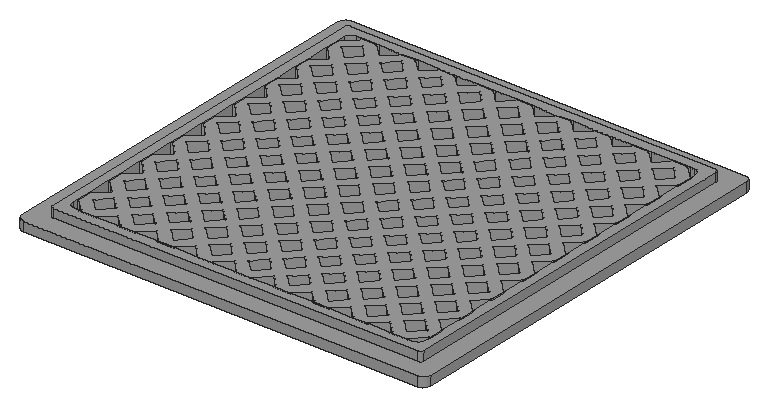
Revit family
Parameters (values of type "580 x 580 mm")
  Manufacturer = "Revit"
  Height = 0 mm
Reference planes
  plane 1 "Center (Front/Back)": y = 0
  plane 2: z = 0
  plane 3 "Center (Left/Right)": x = 0
  plane 4: x = -289.99
  plane 5: x = 289.99
  plane 6: y = -289.99
  plane 7: y = 289.99
Forms (mm)
  Extrusion 1, solid, material "Default"
    sketch origin (0, 0, -24.5) x (1, 0, 0) y (0, 1, 0)
      loop
        line (-263.49, 258.51) -> (-263.49, -258.49)
        arc (-263.49, -258.49) -> (-262.026, -262.026) -> (-258.49, -263.49) r 5
        line (-258.49, -263.49) -> (258.49, -263.49)
        arc (258.49, -263.49) -> (262.026, -262.026) -> (263.49, -258.49) r 5
        line (263.49, -258.49) -> (263.49, 258.51)
        arc (263.49, 258.51) -> (262.026, 262.046) -> (258.49, 263.51) r 5
        line (258.49, 263.51) -> (-258.49, 263.51)
        arc (-258.49, 263.51) -> (-262.026, 262.046) -> (-263.49, 258.51) r 5
      loop
        line (240, 250.01) -> (-240, 250.01)
        arc (-240, 250.01) -> (-247.071, 247.081) -> (-250, 240.01) r 10
        line (-250, 240.01) -> (-250, -239.99)
        arc (-250, -239.99) -> (-247.071, -247.061) -> (-240, -249.99) r 10
        line (-240, -249.99) -> (240, -249.99)
        arc (240, -249.99) -> (247.071, -247.061) -> (250, -239.99) r 10
        line (250, -239.99) -> (250, 240.01)
        arc (250, 240.01) -> (247.071, 247.081) -> (240, 250.01) r 10
    from 24.5 to 50
  Extrusion 2, solid, material "Default", detail levels medium+fine
    sketch origin (0, 0, 5.5) x (1, 0, 0) y (0, 1, 0)
      loop
        arc (-240, 250.01) -> (-247.071, 247.081) -> (-250, 240.01) r 10
        line (-250, 240.01) -> (-250, -239.99)
        arc (-250, -239.99) -> (-247.071, -247.061) -> (-240, -249.99) r 10
        line (-240, -249.99) -> (240, -249.99)
        arc (240, -249.99) -> (247.071, -247.061) -> (250, -239.99) r 10
        line (250, -239.99) -> (250, 240.01)
        arc (250, 240.01) -> (247.071, 247.081) -> (240, 250.01) r 10
        line (240, 250.01) -> (-240, 250.01)
    from 0 to 20
  Extrusion 3, void
    sketch origin (0, 0, 25.5) x (1, 0, 0) y (0, 1, 0)
      loop
        line (-237.588, 220.627) -> (-220.617, 203.657) -> (-203.647, 220.627) -> (-220.617, 237.598) -> (-237.588, 220.627)
      loop
        line (-182.434, 220.627) -> (-165.463, 203.657) -> (-148.492, 220.627) -> (-165.463, 237.598) -> (-182.434, 220.627)
      loop
        line (-127.279, 220.627) -> (-110.309, 203.657) -> (-93.338, 220.627) -> (-110.309, 237.598) -> (-127.279, 220.627)
      loop
        line (-55.154, 237.598) -> (-72.125, 220.627) -> (-55.154, 203.657) -> (-38.184, 220.627) -> (-55.154, 237.598)
      loop
        line (-16.971, 220.627) -> (0, 203.657) -> (16.971, 220.627) -> (0, 237.598) -> (-16.971, 220.627)
      loop
        line (38.184, 220.627) -> (55.154, 203.657) -> (72.125, 220.627) -> (55.154, 237.598) -> (38.184, 220.627)
      loop
        line (93.338, 220.627) -> (110.309, 203.657) -> (127.279, 220.627) -> (110.309, 237.598) -> (93.338, 220.627)
      loop
        line (148.492, 220.627) -> (165.463, 203.657) -> (182.434, 220.627) -> (165.463, 237.598) -> (148.492, 220.627)
      loop
        line (220.617, 237.598) -> (203.647, 220.627) -> (220.617, 203.657) -> (237.588, 220.627) -> (220.617, 237.598)
      loop
        line (-231.224, 193.05) -> (-248.194, 210.021) -> (-250, 208.215) -> (-250, 177.885) -> (-248.194, 176.08) -> (-231.224, 193.05)
      loop
        line (-193.04, 210.021) -> (-210.011, 193.05) -> (-193.04, 176.08) -> (-176.07, 193.05) -> (-193.04, 210.021)
      loop
        line (-137.886, 210.021) -> (-154.856, 193.05) -> (-137.886, 176.08) -> (-120.915, 193.05) -> (-137.886, 210.021)
      loop
        line (-82.731, 210.021) -> (-99.702, 193.05) -> (-82.731, 176.08) -> (-65.761, 193.05) -> (-82.731, 210.021)
      loop
        line (-27.577, 210.021) -> (-44.548, 193.05) -> (-27.577, 176.08) -> (-10.607, 193.05) -> (-27.577, 210.021)
      loop
        line (27.577, 210.021) -> (10.607, 193.05) -> (27.577, 176.08) -> (44.548, 193.05) -> (27.577, 210.021)
      loop
        line (82.731, 210.021) -> (65.761, 193.05) -> (82.731, 176.08) -> (99.702, 193.05) -> (82.731, 210.021)
      loop
        line (137.886, 210.021) -> (120.915, 193.05) -> (137.886, 176.08) -> (154.856, 193.05) -> (137.886, 210.021)
      loop
        line (193.04, 210.021) -> (176.07, 193.05) -> (193.04, 176.08) -> (210.011, 193.05) -> (193.04, 210.021)
      loop
        line (248.194, 210.021) -> (231.224, 193.05) -> (248.194, 176.08) -> (250, 177.885) -> (250, 208.215) -> (248.194, 210.021)
    from -25 to 4
  Extrusion 4, void
    sketch origin (0, -55.154, 25.5) x (1, 0, 0) y (0, 1, 0)
      loop
        line (-237.588, 220.627) -> (-220.617, 203.657) -> (-203.647, 220.627) -> (-220.617, 237.598) -> (-237.588, 220.627)
      loop
        line (-182.434, 220.627) -> (-165.463, 203.657) -> (-148.492, 220.627) -> (-165.463, 237.598) -> (-182.434, 220.627)
      loop
        line (-127.279, 220.627) -> (-110.309, 203.657) -> (-93.338, 220.627) -> (-110.309, 237.598) -> (-127.279, 220.627)
      loop
        line (-55.154, 237.598) -> (-72.125, 220.627) -> (-55.154, 203.657) -> (-38.184, 220.627) -> (-55.154, 237.598)
      loop
        line (-16.971, 220.627) -> (0, 203.657) -> (16.971, 220.627) -> (0, 237.598) -> (-16.971, 220.627)
      loop
        line (38.184, 220.627) -> (55.154, 203.657) -> (72.125, 220.627) -> (55.154, 237.598) -> (38.184, 220.627)
      loop
        line (93.338, 220.627) -> (110.309, 203.657) -> (127.279, 220.627) -> (110.309, 237.598) -> (93.338, 220.627)
      loop
        line (148.492, 220.627) -> (165.463, 203.657) -> (182.434, 220.627) -> (165.463, 237.598) -> (148.492, 220.627)
      loop
        line (220.617, 237.598) -> (203.647, 220.627) -> (220.617, 203.657) -> (237.588, 220.627) -> (220.617, 237.598)
      loop
        line (-231.224, 193.05) -> (-248.194, 210.021) -> (-250, 208.215) -> (-250, 177.885) -> (-248.194, 176.08) -> (-231.224, 193.05)
      loop
        line (-193.04, 210.021) -> (-210.011, 193.05) -> (-193.04, 176.08) -> (-176.07, 193.05) -> (-193.04, 210.021)
      loop
        line (-137.886, 210.021) -> (-154.856, 193.05) -> (-137.886, 176.08) -> (-120.915, 193.05) -> (-137.886, 210.021)
      loop
        line (-82.731, 210.021) -> (-99.702, 193.05) -> (-82.731, 176.08) -> (-65.761, 193.05) -> (-82.731, 210.021)
      loop
        line (-27.577, 210.021) -> (-44.548, 193.05) -> (-27.577, 176.08) -> (-10.607, 193.05) -> (-27.577, 210.021)
      loop
        line (27.577, 210.021) -> (10.607, 193.05) -> (27.577, 176.08) -> (44.548, 193.05) -> (27.577, 210.021)
      loop
        line (82.731, 210.021) -> (65.761, 193.05) -> (82.731, 176.08) -> (99.702, 193.05) -> (82.731, 210.021)
      loop
        line (137.886, 210.021) -> (120.915, 193.05) -> (137.886, 176.08) -> (154.856, 193.05) -> (137.886, 210.021)
      loop
        line (193.04, 210.021) -> (176.07, 193.05) -> (193.04, 176.08) -> (210.011, 193.05) -> (193.04, 210.021)
      loop
        line (248.194, 210.021) -> (231.224, 193.05) -> (248.194, 176.08) -> (250, 177.885) -> (250, 208.215) -> (248.194, 210.021)
    from -25 to 4
  Extrusion 5, void
    sketch origin (0, -110.309, 25.5) x (1, 0, 0) y (0, 1, 0)
      loop
        line (-237.588, 220.627) -> (-220.617, 203.657) -> (-203.647, 220.627) -> (-220.617, 237.598) -> (-237.588, 220.627)
      loop
        line (-182.434, 220.627) -> (-165.463, 203.657) -> (-148.492, 220.627) -> (-165.463, 237.598) -> (-182.434, 220.627)
      loop
        line (-127.279, 220.627) -> (-110.309, 203.657) -> (-93.338, 220.627) -> (-110.309, 237.598) -> (-127.279, 220.627)
      loop
        line (-55.154, 237.598) -> (-72.125, 220.627) -> (-55.154, 203.657) -> (-38.184, 220.627) -> (-55.154, 237.598)
      loop
        line (-16.971, 220.627) -> (0, 203.657) -> (16.971, 220.627) -> (0, 237.598) -> (-16.971, 220.627)
      loop
        line (38.184, 220.627) -> (55.154, 203.657) -> (72.125, 220.627) -> (55.154, 237.598) -> (38.184, 220.627)
      loop
        line (93.338, 220.627) -> (110.309, 203.657) -> (127.279, 220.627) -> (110.309, 237.598) -> (93.338, 220.627)
      loop
        line (148.492, 220.627) -> (165.463, 203.657) -> (182.434, 220.627) -> (165.463, 237.598) -> (148.492, 220.627)
      loop
        line (220.617, 237.598) -> (203.647, 220.627) -> (220.617, 203.657) -> (237.588, 220.627) -> (220.617, 237.598)
      loop
        line (-231.224, 193.05) -> (-248.194, 210.021) -> (-250, 208.215) -> (-250, 177.885) -> (-248.194, 176.08) -> (-231.224, 193.05)
      loop
        line (-193.04, 210.021) -> (-210.011, 193.05) -> (-193.04, 176.08) -> (-176.07, 193.05) -> (-193.04, 210.021)
      loop
        line (-137.886, 210.021) -> (-154.856, 193.05) -> (-137.886, 176.08) -> (-120.915, 193.05) -> (-137.886, 210.021)
      loop
        line (-82.731, 210.021) -> (-99.702, 193.05) -> (-82.731, 176.08) -> (-65.761, 193.05) -> (-82.731, 210.021)
      loop
        line (-27.577, 210.021) -> (-44.548, 193.05) -> (-27.577, 176.08) -> (-10.607, 193.05) -> (-27.577, 210.021)
      loop
        line (27.577, 210.021) -> (10.607, 193.05) -> (27.577, 176.08) -> (44.548, 193.05) -> (27.577, 210.021)
      loop
        line (82.731, 210.021) -> (65.761, 193.05) -> (82.731, 176.08) -> (99.702, 193.05) -> (82.731, 210.021)
      loop
        line (137.886, 210.021) -> (120.915, 193.05) -> (137.886, 176.08) -> (154.856, 193.05) -> (137.886, 210.021)
      loop
        line (193.04, 210.021) -> (176.07, 193.05) -> (193.04, 176.08) -> (210.011, 193.05) -> (193.04, 210.021)
      loop
        line (248.194, 210.021) -> (231.224, 193.05) -> (248.194, 176.08) -> (250, 177.885) -> (250, 208.215) -> (248.194, 210.021)
    from -25 to 4
  Extrusion 6, void
    sketch origin (0, -165.463, 25.5) x (1, 0, 0) y (0, 1, 0)
      loop
        line (-237.588, 220.627) -> (-220.617, 203.657) -> (-203.647, 220.627) -> (-220.617, 237.598) -> (-237.588, 220.627)
      loop
        line (-182.434, 220.627) -> (-165.463, 203.657) -> (-148.492, 220.627) -> (-165.463, 237.598) -> (-182.434, 220.627)
      loop
        line (-127.279, 220.627) -> (-110.309, 203.657) -> (-93.338, 220.627) -> (-110.309, 237.598) -> (-127.279, 220.627)
      loop
        line (-55.154, 237.598) -> (-72.125, 220.627) -> (-55.154, 203.657) -> (-38.184, 220.627) -> (-55.154, 237.598)
      loop
        line (-16.971, 220.627) -> (0, 203.657) -> (16.971, 220.627) -> (0, 237.598) -> (-16.971, 220.627)
      loop
        line (38.184, 220.627) -> (55.154, 203.657) -> (72.125, 220.627) -> (55.154, 237.598) -> (38.184, 220.627)
      loop
        line (93.338, 220.627) -> (110.309, 203.657) -> (127.279, 220.627) -> (110.309, 237.598) -> (93.338, 220.627)
      loop
        line (148.492, 220.627) -> (165.463, 203.657) -> (182.434, 220.627) -> (165.463, 237.598) -> (148.492, 220.627)
      loop
        line (220.617, 237.598) -> (203.647, 220.627) -> (220.617, 203.657) -> (237.588, 220.627) -> (220.617, 237.598)
      loop
        line (-231.224, 193.05) -> (-248.194, 210.021) -> (-250, 208.215) -> (-250, 177.885) -> (-248.194, 176.08) -> (-231.224, 193.05)
      loop
        line (-193.04, 210.021) -> (-210.011, 193.05) -> (-193.04, 176.08) -> (-176.07, 193.05) -> (-193.04, 210.021)
      loop
        line (-137.886, 210.021) -> (-154.856, 193.05) -> (-137.886, 176.08) -> (-120.915, 193.05) -> (-137.886, 210.021)
      loop
        line (-82.731, 210.021) -> (-99.702, 193.05) -> (-82.731, 176.08) -> (-65.761, 193.05) -> (-82.731, 210.021)
      loop
        line (-27.577, 210.021) -> (-44.548, 193.05) -> (-27.577, 176.08) -> (-10.607, 193.05) -> (-27.577, 210.021)
      loop
        line (27.577, 210.021) -> (10.607, 193.05) -> (27.577, 176.08) -> (44.548, 193.05) -> (27.577, 210.021)
      loop
        line (82.731, 210.021) -> (65.761, 193.05) -> (82.731, 176.08) -> (99.702, 193.05) -> (82.731, 210.021)
      loop
        line (137.886, 210.021) -> (120.915, 193.05) -> (137.886, 176.08) -> (154.856, 193.05) -> (137.886, 210.021)
      loop
        line (193.04, 210.021) -> (176.07, 193.05) -> (193.04, 176.08) -> (210.011, 193.05) -> (193.04, 210.021)
      loop
        line (248.194, 210.021) -> (231.224, 193.05) -> (248.194, 176.08) -> (250, 177.885) -> (250, 208.215) -> (248.194, 210.021)
    from -25 to 4
  Extrusion 7, void
    sketch origin (0, -220.617, 25.5) x (1, 0, 0) y (0, 1, 0)
      loop
        line (-237.588, 220.627) -> (-220.617, 203.657) -> (-203.647, 220.627) -> (-220.617, 237.598) -> (-237.588, 220.627)
      loop
        line (-182.434, 220.627) -> (-165.463, 203.657) -> (-148.492, 220.627) -> (-165.463, 237.598) -> (-182.434, 220.627)
      loop
        line (-127.279, 220.627) -> (-110.309, 203.657) -> (-93.338, 220.627) -> (-110.309, 237.598) -> (-127.279, 220.627)
      loop
        line (-55.154, 237.598) -> (-72.125, 220.627) -> (-55.154, 203.657) -> (-38.184, 220.627) -> (-55.154, 237.598)
      loop
        line (-16.971, 220.627) -> (0, 203.657) -> (16.971, 220.627) -> (0, 237.598) -> (-16.971, 220.627)
      loop
        line (38.184, 220.627) -> (55.154, 203.657) -> (72.125, 220.627) -> (55.154, 237.598) -> (38.184, 220.627)
      loop
        line (93.338, 220.627) -> (110.309, 203.657) -> (127.279, 220.627) -> (110.309, 237.598) -> (93.338, 220.627)
      loop
        line (148.492, 220.627) -> (165.463, 203.657) -> (182.434, 220.627) -> (165.463, 237.598) -> (148.492, 220.627)
      loop
        line (220.617, 237.598) -> (203.647, 220.627) -> (220.617, 203.657) -> (237.588, 220.627) -> (220.617, 237.598)
      loop
        line (-231.224, 193.05) -> (-248.194, 210.021) -> (-250, 208.215) -> (-250, 177.885) -> (-248.194, 176.08) -> (-231.224, 193.05)
      loop
        line (-193.04, 210.021) -> (-210.011, 193.05) -> (-193.04, 176.08) -> (-176.07, 193.05) -> (-193.04, 210.021)
      loop
        line (-137.886, 210.021) -> (-154.856, 193.05) -> (-137.886, 176.08) -> (-120.915, 193.05) -> (-137.886, 210.021)
      loop
        line (-82.731, 210.021) -> (-99.702, 193.05) -> (-82.731, 176.08) -> (-65.761, 193.05) -> (-82.731, 210.021)
      loop
        line (-27.577, 210.021) -> (-44.548, 193.05) -> (-27.577, 176.08) -> (-10.607, 193.05) -> (-27.577, 210.021)
      loop
        line (27.577, 210.021) -> (10.607, 193.05) -> (27.577, 176.08) -> (44.548, 193.05) -> (27.577, 210.021)
      loop
        line (82.731, 210.021) -> (65.761, 193.05) -> (82.731, 176.08) -> (99.702, 193.05) -> (82.731, 210.021)
      loop
        line (137.886, 210.021) -> (120.915, 193.05) -> (137.886, 176.08) -> (154.856, 193.05) -> (137.886, 210.021)
      loop
        line (193.04, 210.021) -> (176.07, 193.05) -> (193.04, 176.08) -> (210.011, 193.05) -> (193.04, 210.021)
      loop
        line (248.194, 210.021) -> (231.224, 193.05) -> (248.194, 176.08) -> (250, 177.885) -> (250, 208.215) -> (248.194, 210.021)
    from -25 to 4
  Extrusion 8, void
    sketch origin (0, -275.772, 25.5) x (1, 0, 0) y (0, 1, 0)
      loop
        line (-237.588, 220.627) -> (-220.617, 203.657) -> (-203.647, 220.627) -> (-220.617, 237.598) -> (-237.588, 220.627)
      loop
        line (-182.434, 220.627) -> (-165.463, 203.657) -> (-148.492, 220.627) -> (-165.463, 237.598) -> (-182.434, 220.627)
      loop
        line (-127.279, 220.627) -> (-110.309, 203.657) -> (-93.338, 220.627) -> (-110.309, 237.598) -> (-127.279, 220.627)
      loop
        line (-55.154, 237.598) -> (-72.125, 220.627) -> (-55.154, 203.657) -> (-38.184, 220.627) -> (-55.154, 237.598)
      loop
        line (-16.971, 220.627) -> (0, 203.657) -> (16.971, 220.627) -> (0, 237.598) -> (-16.971, 220.627)
      loop
        line (38.184, 220.627) -> (55.154, 203.657) -> (72.125, 220.627) -> (55.154, 237.598) -> (38.184, 220.627)
      loop
        line (93.338, 220.627) -> (110.309, 203.657) -> (127.279, 220.627) -> (110.309, 237.598) -> (93.338, 220.627)
      loop
        line (148.492, 220.627) -> (165.463, 203.657) -> (182.434, 220.627) -> (165.463, 237.598) -> (148.492, 220.627)
      loop
        line (220.617, 237.598) -> (203.647, 220.627) -> (220.617, 203.657) -> (237.588, 220.627) -> (220.617, 237.598)
      loop
        line (-231.224, 193.05) -> (-248.194, 210.021) -> (-250, 208.215) -> (-250, 177.885) -> (-248.194, 176.08) -> (-231.224, 193.05)
      loop
        line (-193.04, 210.021) -> (-210.011, 193.05) -> (-193.04, 176.08) -> (-176.07, 193.05) -> (-193.04, 210.021)
      loop
        line (-137.886, 210.021) -> (-154.856, 193.05) -> (-137.886, 176.08) -> (-120.915, 193.05) -> (-137.886, 210.021)
      loop
        line (-82.731, 210.021) -> (-99.702, 193.05) -> (-82.731, 176.08) -> (-65.761, 193.05) -> (-82.731, 210.021)
      loop
        line (-27.577, 210.021) -> (-44.548, 193.05) -> (-27.577, 176.08) -> (-10.607, 193.05) -> (-27.577, 210.021)
      loop
        line (27.577, 210.021) -> (10.607, 193.05) -> (27.577, 176.08) -> (44.548, 193.05) -> (27.577, 210.021)
      loop
        line (82.731, 210.021) -> (65.761, 193.05) -> (82.731, 176.08) -> (99.702, 193.05) -> (82.731, 210.021)
      loop
        line (137.886, 210.021) -> (120.915, 193.05) -> (137.886, 176.08) -> (154.856, 193.05) -> (137.886, 210.021)
      loop
        line (193.04, 210.021) -> (176.07, 193.05) -> (193.04, 176.08) -> (210.011, 193.05) -> (193.04, 210.021)
      loop
        line (248.194, 210.021) -> (231.224, 193.05) -> (248.194, 176.08) -> (250, 177.885) -> (250, 208.215) -> (248.194, 210.021)
    from -25 to 4
  Extrusion 9, void
    sketch origin (0, -330.926, 25.5) x (1, 0, 0) y (0, 1, 0)
      loop
        line (-237.588, 220.627) -> (-220.617, 203.657) -> (-203.647, 220.627) -> (-220.617, 237.598) -> (-237.588, 220.627)
      loop
        line (-182.434, 220.627) -> (-165.463, 203.657) -> (-148.492, 220.627) -> (-165.463, 237.598) -> (-182.434, 220.627)
      loop
        line (-127.279, 220.627) -> (-110.309, 203.657) -> (-93.338, 220.627) -> (-110.309, 237.598) -> (-127.279, 220.627)
      loop
        line (-55.154, 237.598) -> (-72.125, 220.627) -> (-55.154, 203.657) -> (-38.184, 220.627) -> (-55.154, 237.598)
      loop
        line (-16.971, 220.627) -> (0, 203.657) -> (16.971, 220.627) -> (0, 237.598) -> (-16.971, 220.627)
      loop
        line (38.184, 220.627) -> (55.154, 203.657) -> (72.125, 220.627) -> (55.154, 237.598) -> (38.184, 220.627)
      loop
        line (93.338, 220.627) -> (110.309, 203.657) -> (127.279, 220.627) -> (110.309, 237.598) -> (93.338, 220.627)
      loop
        line (148.492, 220.627) -> (165.463, 203.657) -> (182.434, 220.627) -> (165.463, 237.598) -> (148.492, 220.627)
      loop
        line (220.617, 237.598) -> (203.647, 220.627) -> (220.617, 203.657) -> (237.588, 220.627) -> (220.617, 237.598)
      loop
        line (-231.224, 193.05) -> (-248.194, 210.021) -> (-250, 208.215) -> (-250, 177.885) -> (-248.194, 176.08) -> (-231.224, 193.05)
      loop
        line (-193.04, 210.021) -> (-210.011, 193.05) -> (-193.04, 176.08) -> (-176.07, 193.05) -> (-193.04, 210.021)
      loop
        line (-137.886, 210.021) -> (-154.856, 193.05) -> (-137.886, 176.08) -> (-120.915, 193.05) -> (-137.886, 210.021)
      loop
        line (-82.731, 210.021) -> (-99.702, 193.05) -> (-82.731, 176.08) -> (-65.761, 193.05) -> (-82.731, 210.021)
      loop
        line (-27.577, 210.021) -> (-44.548, 193.05) -> (-27.577, 176.08) -> (-10.607, 193.05) -> (-27.577, 210.021)
      loop
        line (27.577, 210.021) -> (10.607, 193.05) -> (27.577, 176.08) -> (44.548, 193.05) -> (27.577, 210.021)
      loop
        line (82.731, 210.021) -> (65.761, 193.05) -> (82.731, 176.08) -> (99.702, 193.05) -> (82.731, 210.021)
      loop
        line (137.886, 210.021) -> (120.915, 193.05) -> (137.886, 176.08) -> (154.856, 193.05) -> (137.886, 210.021)
      loop
        line (193.04, 210.021) -> (176.07, 193.05) -> (193.04, 176.08) -> (210.011, 193.05) -> (193.04, 210.021)
      loop
        line (248.194, 210.021) -> (231.224, 193.05) -> (248.194, 176.08) -> (250, 177.885) -> (250, 208.215) -> (248.194, 210.021)
    from -25 to 4
  Extrusion 10, void
    sketch origin (0, -386.08, 25.5) x (1, 0, 0) y (0, 1, 0)
      loop
        line (-237.588, 220.627) -> (-220.617, 203.657) -> (-203.647, 220.627) -> (-220.617, 237.598) -> (-237.588, 220.627)
      loop
        line (-182.434, 220.627) -> (-165.463, 203.657) -> (-148.492, 220.627) -> (-165.463, 237.598) -> (-182.434, 220.627)
      loop
        line (-127.279, 220.627) -> (-110.309, 203.657) -> (-93.338, 220.627) -> (-110.309, 237.598) -> (-127.279, 220.627)
      loop
        line (-55.154, 237.598) -> (-72.125, 220.627) -> (-55.154, 203.657) -> (-38.184, 220.627) -> (-55.154, 237.598)
      loop
        line (-16.971, 220.627) -> (0, 203.657) -> (16.971, 220.627) -> (0, 237.598) -> (-16.971, 220.627)
      loop
        line (38.184, 220.627) -> (55.154, 203.657) -> (72.125, 220.627) -> (55.154, 237.598) -> (38.184, 220.627)
      loop
        line (93.338, 220.627) -> (110.309, 203.657) -> (127.279, 220.627) -> (110.309, 237.598) -> (93.338, 220.627)
      loop
        line (148.492, 220.627) -> (165.463, 203.657) -> (182.434, 220.627) -> (165.463, 237.598) -> (148.492, 220.627)
      loop
        line (220.617, 237.598) -> (203.647, 220.627) -> (220.617, 203.657) -> (237.588, 220.627) -> (220.617, 237.598)
      loop
        line (-231.224, 193.05) -> (-248.194, 210.021) -> (-250, 208.215) -> (-250, 177.885) -> (-248.194, 176.08) -> (-231.224, 193.05)
      loop
        line (-193.04, 210.021) -> (-210.011, 193.05) -> (-193.04, 176.08) -> (-176.07, 193.05) -> (-193.04, 210.021)
      loop
        line (-137.886, 210.021) -> (-154.856, 193.05) -> (-137.886, 176.08) -> (-120.915, 193.05) -> (-137.886, 210.021)
      loop
        line (-82.731, 210.021) -> (-99.702, 193.05) -> (-82.731, 176.08) -> (-65.761, 193.05) -> (-82.731, 210.021)
      loop
        line (-27.577, 210.021) -> (-44.548, 193.05) -> (-27.577, 176.08) -> (-10.607, 193.05) -> (-27.577, 210.021)
      loop
        line (27.577, 210.021) -> (10.607, 193.05) -> (27.577, 176.08) -> (44.548, 193.05) -> (27.577, 210.021)
      loop
        line (82.731, 210.021) -> (65.761, 193.05) -> (82.731, 176.08) -> (99.702, 193.05) -> (82.731, 210.021)
      loop
        line (137.886, 210.021) -> (120.915, 193.05) -> (137.886, 176.08) -> (154.856, 193.05) -> (137.886, 210.021)
      loop
        line (193.04, 210.021) -> (176.07, 193.05) -> (193.04, 176.08) -> (210.011, 193.05) -> (193.04, 210.021)
      loop
        line (248.194, 210.021) -> (231.224, 193.05) -> (248.194, 176.08) -> (250, 177.885) -> (250, 208.215) -> (248.194, 210.021)
    from -25 to 4
  Extrusion 11, void
    sketch origin (0, -441.235, 25.5) x (1, 0, 0) y (0, 1, 0)
      loop
        line (-237.588, 220.627) -> (-220.617, 203.657) -> (-203.647, 220.627) -> (-220.617, 237.598) -> (-237.588, 220.627)
      loop
        line (-182.434, 220.627) -> (-165.463, 203.657) -> (-148.492, 220.627) -> (-165.463, 237.598) -> (-182.434, 220.627)
      loop
        line (-127.279, 220.627) -> (-110.309, 203.657) -> (-93.338, 220.627) -> (-110.309, 237.598) -> (-127.279, 220.627)
      loop
        line (-55.154, 237.598) -> (-72.125, 220.627) -> (-55.154, 203.657) -> (-38.184, 220.627) -> (-55.154, 237.598)
      loop
        line (-16.971, 220.627) -> (0, 203.657) -> (16.971, 220.627) -> (0, 237.598) -> (-16.971, 220.627)
      loop
        line (38.184, 220.627) -> (55.154, 203.657) -> (72.125, 220.627) -> (55.154, 237.598) -> (38.184, 220.627)
      loop
        line (93.338, 220.627) -> (110.309, 203.657) -> (127.279, 220.627) -> (110.309, 237.598) -> (93.338, 220.627)
      loop
        line (148.492, 220.627) -> (165.463, 203.657) -> (182.434, 220.627) -> (165.463, 237.598) -> (148.492, 220.627)
      loop
        line (220.617, 237.598) -> (203.647, 220.627) -> (220.617, 203.657) -> (237.588, 220.627) -> (220.617, 237.598)
      loop
        line (-231.224, 193.05) -> (-248.194, 210.021) -> (-250, 208.215) -> (-250, 201.245)
        arc (-250, 201.245) -> (-247.071, 194.174) -> (-240, 191.245) r 10
        line (-240, 191.245) -> (-233.029, 191.245) -> (-231.224, 193.05)
      loop
        line (-193.04, 210.021) -> (-210.011, 193.05) -> (-208.205, 191.245) -> (-177.875, 191.245) -> (-176.07, 193.05) -> (-193.04, 210.021)
      loop
        line (-137.886, 210.021) -> (-154.856, 193.05) -> (-153.051, 191.245) -> (-122.721, 191.245) -> (-120.915, 193.05) -> (-137.886, 210.021)
      loop
        line (-82.731, 210.021) -> (-99.702, 193.05) -> (-97.897, 191.245) -> (-67.566, 191.245) -> (-65.761, 193.05) -> (-82.731, 210.021)
      loop
        line (-27.577, 210.021) -> (-44.548, 193.05) -> (-42.742, 191.245) -> (-12.412, 191.245) -> (-10.607, 193.05) -> (-27.577, 210.021)
      loop
        line (27.577, 210.021) -> (10.607, 193.05) -> (12.412, 191.245) -> (42.742, 191.245) -> (44.548, 193.05) -> (27.577, 210.021)
      loop
        line (82.731, 210.021) -> (65.761, 193.05) -> (67.566, 191.245) -> (97.897, 191.245) -> (99.702, 193.05) -> (82.731, 210.021)
      loop
        line (137.886, 210.021) -> (120.915, 193.05) -> (122.721, 191.245) -> (153.051, 191.245) -> (154.856, 193.05) -> (137.886, 210.021)
      loop
        line (193.04, 210.021) -> (176.07, 193.05) -> (177.875, 191.245) -> (208.205, 191.245) -> (210.011, 193.05) -> (193.04, 210.021)
      loop
        line (248.194, 210.021) -> (231.224, 193.05) -> (233.029, 191.245) -> (240, 191.245)
        arc (240, 191.245) -> (247.071, 194.174) -> (250, 201.245) r 10
        line (250, 201.245) -> (250, 208.215) -> (248.194, 210.021)
    from -25 to 4
  Extrusion 12, void
    sketch origin (0, 55.154, 25.5) x (1, 0, 0) y (0, 1, 0)
      loop
        line (-231.224, 193.05) -> (-233.029, 194.856) -> (-240, 194.856)
        arc (-240, 194.856) -> (-247.071, 191.927) -> (-250, 184.856) r 10
        line (-250, 184.856) -> (-250, 177.885) -> (-248.194, 176.08) -> (-231.224, 193.05)
      loop
        line (-208.205, 194.856) -> (-210.011, 193.05) -> (-193.04, 176.08) -> (-176.07, 193.05) -> (-177.875, 194.856) -> (-208.205, 194.856)
      loop
        line (-153.051, 194.856) -> (-154.856, 193.05) -> (-137.886, 176.08) -> (-120.915, 193.05) -> (-122.721, 194.856) -> (-153.051, 194.856)
      loop
        line (-97.897, 194.856) -> (-99.702, 193.05) -> (-82.731, 176.08) -> (-65.761, 193.05) -> (-67.566, 194.856) -> (-97.897, 194.856)
      loop
        line (-42.742, 194.856) -> (-44.548, 193.05) -> (-27.577, 176.08) -> (-10.607, 193.05) -> (-12.412, 194.856) -> (-42.742, 194.856)
      loop
        line (12.412, 194.856) -> (10.607, 193.05) -> (27.577, 176.08) -> (44.548, 193.05) -> (42.742, 194.856) -> (12.412, 194.856)
      loop
        line (67.566, 194.856) -> (65.761, 193.05) -> (82.731, 176.08) -> (99.702, 193.05) -> (97.897, 194.856) -> (67.566, 194.856)
      loop
        line (122.721, 194.856) -> (120.915, 193.05) -> (137.886, 176.08) -> (154.856, 193.05) -> (153.051, 194.856) -> (122.721, 194.856)
      loop
        line (177.875, 194.856) -> (176.07, 193.05) -> (193.04, 176.08) -> (210.011, 193.05) -> (208.205, 194.856) -> (177.875, 194.856)
      loop
        line (233.029, 194.856) -> (231.224, 193.05) -> (248.194, 176.08) -> (250, 177.885) -> (250, 184.856)
        arc (250, 184.856) -> (247.071, 191.927) -> (240, 194.856) r 10
        line (240, 194.856) -> (233.029, 194.856)
    from -25 to 4
  Extrusion 13, solid, material "Default"
    sketch origin (0, 0, 0) x (1, 0, 0) y (0, 1, 0)
      loop
        arc (-279.99, 289.99) -> (-287.061, 287.061) -> (-289.99, 279.99) r 10
        line (-289.99, 279.99) -> (-289.99, -279.99)
        arc (-289.99, -279.99) -> (-287.061, -287.061) -> (-279.99, -289.99) r 10
        line (-279.99, -289.99) -> (279.99, -289.99)
        arc (279.99, -289.99) -> (287.061, -287.061) -> (289.99, -279.99) r 10
        line (289.99, -279.99) -> (289.99, 279.99)
        arc (289.99, 279.99) -> (287.061, 287.061) -> (279.99, 289.99) r 10
        line (279.99, 289.99) -> (-279.99, 289.99)
      loop
        line (250, 250.01) -> (-250, 250.01) -> (-250, -249.99) -> (250, -249.99) -> (250, 250.01)
    from 0 to 13
Cuts and joins
  Extrusion 3, Extrusion 4, Extrusion 5, Extrusion 6, Extrusion 7, Extrusion 8, Extrusion 9, Extrusion 10, Extrusion 11, Extrusion 12 cuts Extrusion 1
  joined: Extrusion 1, Extrusion 13
  Extrusion 3, Extrusion 4, Extrusion 5, Extrusion 6, Extrusion 7, Extrusion 8, Extrusion 9, Extrusion 10, Extrusion 11, Extrusion 12 cuts Extrusion 2
